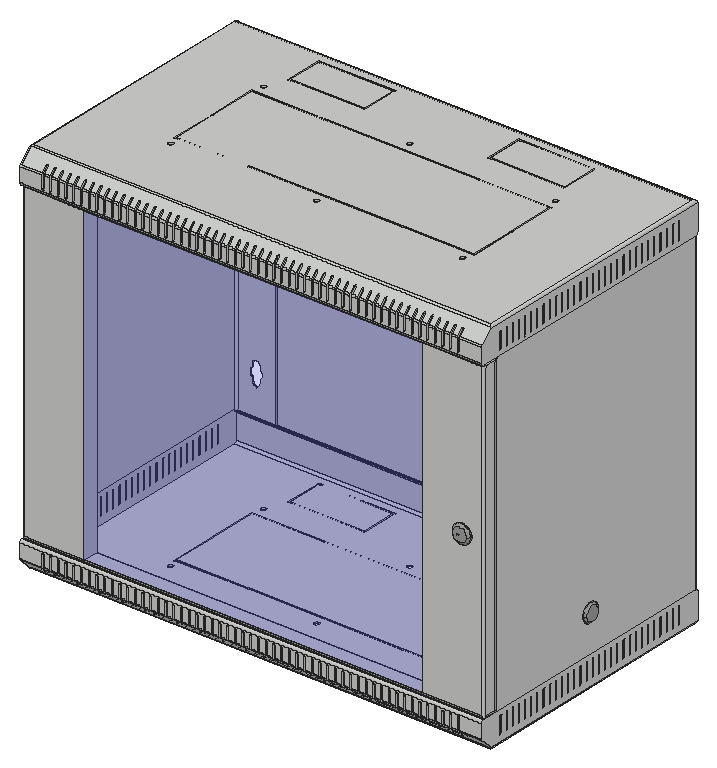
Revit family "600х350", category Обобщенные модели, Revit 2019
Family settings
  Может служить основой для арматурных стержней = Нет
  Размер круглого соединителя = Использовать диаметр
  Тип детали = Нормальный
  На основе рабочей плоскости = Нет
  Всегда вертикально = Да
  При загрузке вырезать с полостями = Нет
  Общий = Нет
  Точка расчета площади = Нет
Parameters (values of type "ШТ-НСрМ 9U (600x350) стеклянная дверь")
  Крышка = Крышка 350 : Крышка 350
  Дверь = Дверь_С : Дверь_С
  Высота_двери = ADSK_Размер_Высота - 80 mm  # 413 mm
  ADSK_Этаж [instance] = ""
  ADSK_Размер_Ширина = 600 mm  # constant formula
  ADSK_Размер_Глубина = 350 mm  # constant formula
  ADSK_Размер_Высота = 493 mm
  ADSK_Примечание [instance] = ""
  ADSK_Предел огнестойкости = ""
  ADSK_Позиция [instance] = ""
  ADSK_Обозначение = "ШТ-НСрМ 9U (600x350) стеклянная дверь"
  ADSK_Наименование = "Шкаф телекоммуникационный настенный разборный со съемными боковыми стенками 19”,9U(600x350), ШТ-НСрМ-9U-600-350-С дверь стекло ССД"
  ADSK_Материал обозначение = "Серый RAL 7035"  # constant formula
  ADSK_Масса_Текст = "17,5"
  ADSK_Марка [instance] = "ШТ-НСрМ 9U (600x350) стеклянная дверь"
  ADSK_Код изделия = "130411-00787"
  ADSK_Зона = ""
  ADSK_Завод-изготовитель = "АО СВЯЗЬСТРОЙДЕТАЛЬ"  # constant formula
  ADSK_Единица измерения = "шт"  # constant formula
  ADSK_URL страницы изделия = "https://www.ssd.ru/shkaf-telekommunikatsionnyy-nastennyy-razbornyy-so-semnymi-bokovymi-stenkami-19-9u-600x350-sht-nsrm--75388"
  ADSK_URL документации изделия = ""
Reference planes
  plane 1 "По центру (Вперед/Назад)": y = 0
  plane 2: z = 0
  plane 3 "По центру (Влево/Вправо)": x = 0
  plane 4: y = 175
  plane 5: y = -175
  plane 6: x = -300
  plane 7: x = 300
  plane 8: z = 246.5
  plane 9: z = -246.5
  plane 10: z = 206.5
  plane 11: z = -206.5
Forms (mm)
  Extrusion 1, solid, material "RAL 7035", detail levels medium+fine
    sketch origin (0, 174.994, 41.996) x (0, 1, 0) y (-1, 0, 0)
      loop
        line (-2.994, 300) -> (-325.506, 300)
        arc (-325.506, 300) -> (-326, 299.506) -> (-325.506, 299.013) r 0.494
        line (-325.506, 299.013) -> (-4.008, 299.013)
        arc (-4.008, 299.013) -> (-1.882, 298.132) -> (-1.001, 296.006) r 3.007
        line (-1.001, 296.006) -> (-1.001, 246.94)
        arc (-1.001, 246.94) -> (-0.501, 246.44) -> (0, 246.94) r 0.501
        line (0, 246.94) -> (0, 297.006)
        arc (0, 297.006) -> (-0.877, 299.123) -> (-2.994, 300) r 2.994
      loop
        arc (-3.007, -300) -> (-0.881, -299.119) -> (0, -296.993) r 3.007
        line (0, -296.993) -> (0, -246.948)
        arc (0, -246.948) -> (-0.501, -246.447) -> (-1.002, -246.948) r 0.501
        line (-1.002, -246.948) -> (-1.002, -295.993)
        arc (-1.002, -295.993) -> (-1.883, -298.119) -> (-4.009, -299) r 3.007
        line (-4.009, -299) -> (-325.5, -299)
        arc (-325.5, -299) -> (-326, -299.5) -> (-325.5, -300) r 0.5
        line (-325.5, -300) -> (-3.007, -300)
      loop
        line (-0.994, 245.778) -> (-0.994, -245.93)
        arc (-0.994, -245.93) -> (-0.494, -246.43) -> (0.006, -245.93) r 0.5
        line (0.006, -245.93) -> (0.006, 245.778)
        arc (0.006, 245.778) -> (-0.494, 246.278) -> (-0.994, 245.778) r 0.5
    from -248.496 to 164.504
  Extrusion 2, void, detail levels fine
    sketch origin (3.917, 0, 85.311) x (1, 0, 0) y (0, 0, 1)
      loop
        line (273.229, 77.108) -> (273.229, 81.669)
        arc (273.229, 81.669) -> (268.229, 86.669) -> (263.229, 81.669) r 5
        line (263.229, 81.669) -> (263.229, 77.09)
        arc (263.229, 77.09) -> (260.241, 70.854) -> (263.229, 64.618) r 8
        line (263.229, 64.618) -> (263.229, 60.039)
        arc (263.229, 60.039) -> (268.229, 55.039) -> (273.229, 60.039) r 5
        line (273.229, 60.039) -> (273.229, 64.6)
        arc (273.229, 64.6) -> (276.241, 70.854) -> (273.229, 77.108) r 8
    from -174 to -175
  Extrusion 3, void, detail levels fine
    sketch origin (-3.917, 0, 85.311) x (-1, 0, 0) y (0, 0, -1)
      loop
        arc (273.229, -77.108) -> (276.241, -70.854) -> (273.229, -64.6) r 8
        line (273.229, -64.6) -> (273.229, -60.039)
        arc (273.229, -60.039) -> (268.229, -55.039) -> (263.229, -60.039) r 5
        line (263.229, -60.039) -> (263.229, -64.618)
        arc (263.229, -64.618) -> (260.241, -70.854) -> (263.229, -77.09) r 8
        line (263.229, -77.09) -> (263.229, -81.669)
        arc (263.229, -81.669) -> (268.229, -86.669) -> (273.229, -81.669) r 5
        line (273.229, -81.669) -> (273.229, -77.108)
    from -174 to -175
  Extrusion 4, void, detail levels fine
    sketch origin (3.917, 0, -85.311) x (1, 0, 0) y (0, 0, 1)
      loop
        arc (273.229, -77.108) -> (276.241, -70.854) -> (273.229, -64.6) r 8
        line (273.229, -64.6) -> (273.229, -60.039)
        arc (273.229, -60.039) -> (268.229, -55.039) -> (263.229, -60.039) r 5
        line (263.229, -60.039) -> (263.229, -64.618)
        arc (263.229, -64.618) -> (260.241, -70.854) -> (263.229, -77.09) r 8
        line (263.229, -77.09) -> (263.229, -81.669)
        arc (263.229, -81.669) -> (268.229, -86.669) -> (273.229, -81.669) r 5
        line (273.229, -81.669) -> (273.229, -77.108)
    from -174 to -175
  Extrusion 5, void, detail levels fine
    sketch origin (-3.917, 0, -85.311) x (-1, 0, 0) y (0, 0, -1)
      loop
        line (273.229, 77.108) -> (273.229, 81.669)
        arc (273.229, 81.669) -> (268.229, 86.669) -> (263.229, 81.669) r 5
        line (263.229, 81.669) -> (263.229, 77.09)
        arc (263.229, 77.09) -> (260.241, 70.854) -> (263.229, 64.618) r 8
        line (263.229, 64.618) -> (263.229, 60.039)
        arc (263.229, 60.039) -> (268.229, 55.039) -> (273.229, 60.039) r 5
        line (273.229, 60.039) -> (273.229, 64.6)
        arc (273.229, 64.6) -> (276.241, 70.854) -> (273.229, 77.108) r 8
    from -174 to -175
  Extrusion 6, void, not visible, detail levels fine
    sketch origin (3.917, 0, 13.811) x (1, 0, 0) y (0, 0, 1)
      loop
        line (273.229, 77.108) -> (273.229, 81.669)
        arc (273.229, 81.669) -> (268.229, 86.669) -> (263.229, 81.669) r 5
        line (263.229, 81.669) -> (263.229, 77.09)
        arc (263.229, 77.09) -> (260.241, 70.854) -> (263.229, 64.618) r 8
        line (263.229, 64.618) -> (263.229, 60.039)
        arc (263.229, 60.039) -> (268.229, 55.039) -> (273.229, 60.039) r 5
        line (273.229, 60.039) -> (273.229, 64.6)
        arc (273.229, 64.6) -> (276.241, 70.854) -> (273.229, 77.108) r 8
    from -174 to -175
  Extrusion 7, void, not visible, detail levels fine
    sketch origin (-3.917, 0, 13.811) x (-1, 0, 0) y (0, 0, -1)
      loop
        arc (273.229, -77.108) -> (276.241, -70.854) -> (273.229, -64.6) r 8
        line (273.229, -64.6) -> (273.229, -60.039)
        arc (273.229, -60.039) -> (268.229, -55.039) -> (263.229, -60.039) r 5
        line (263.229, -60.039) -> (263.229, -64.618)
        arc (263.229, -64.618) -> (260.241, -70.854) -> (263.229, -77.09) r 8
        line (263.229, -77.09) -> (263.229, -81.669)
        arc (263.229, -81.669) -> (268.229, -86.669) -> (273.229, -81.669) r 5
        line (273.229, -81.669) -> (273.229, -77.108)
    from -174 to -175
  Extrusion 8, void, not visible, detail levels fine
    sketch origin (3.917, 0, -13.811) x (1, 0, 0) y (0, 0, 1)
      loop
        arc (273.229, -77.108) -> (276.241, -70.854) -> (273.229, -64.6) r 8
        line (273.229, -64.6) -> (273.229, -60.039)
        arc (273.229, -60.039) -> (268.229, -55.039) -> (263.229, -60.039) r 5
        line (263.229, -60.039) -> (263.229, -64.618)
        arc (263.229, -64.618) -> (260.241, -70.854) -> (263.229, -77.09) r 8
        line (263.229, -77.09) -> (263.229, -81.669)
        arc (263.229, -81.669) -> (268.229, -86.669) -> (273.229, -81.669) r 5
        line (273.229, -81.669) -> (273.229, -77.108)
    from -174 to -175
  Extrusion 9, void, not visible, detail levels fine
    sketch origin (-3.917, 0, -13.811) x (-1, 0, 0) y (0, 0, -1)
      loop
        line (273.229, 77.108) -> (273.229, 81.669)
        arc (273.229, 81.669) -> (268.229, 86.669) -> (263.229, 81.669) r 5
        line (263.229, 81.669) -> (263.229, 77.09)
        arc (263.229, 77.09) -> (260.241, 70.854) -> (263.229, 64.618) r 8
        line (263.229, 64.618) -> (263.229, 60.039)
        arc (263.229, 60.039) -> (268.229, 55.039) -> (273.229, 60.039) r 5
        line (273.229, 60.039) -> (273.229, 64.6)
        arc (273.229, 64.6) -> (276.241, 70.854) -> (273.229, 77.108) r 8
    from -174 to -175
  Extrusion 10, solid, material "По умолчанию", detail levels medium+fine
    sketch origin (0, 0, -15.973) x (0, 1, 0) y (0, 0, 1)
      loop
        circle (0, -140.561) r 12
    from -300 to -301
  Blend 11, solid, material "По умолчанию", detail levels medium+fine
    base sketch origin (0, 30.14, -15.973) x (0, 1, 0) y (0, 0, 1)
      loop
        circle (-30.14, -140.561) r 12
    top sketch origin (0, 30.14, -15.973) x (0, 1, 0) y (0, 0, 1)
      loop
        circle (-30.14, -140.561) r 9
    from -301 to -304
  Extrusion 12, solid, material "По умолчанию", not visible, detail levels medium+fine
    sketch origin (0, 0, -94.473) x (0, 1, 0) y (0, 0, 1)
      loop
        circle (0, -140.561) r 12
    from -300 to -301
  Blend 13, solid, material "По умолчанию", not visible, detail levels medium+fine
    base sketch origin (0, 30.14, -94.473) x (0, 1, 0) y (0, 0, 1)
      loop
        circle (-30.14, -140.561) r 12
    top sketch origin (0, 30.14, -94.473) x (0, 1, 0) y (0, 0, 1)
      loop
        circle (-30.14, -140.561) r 9
    from -301 to -304
  Extrusion 14, solid, material "По умолчанию", detail levels medium+fine
    sketch origin (0, 0, -15.973) x (0, 1, 0) y (0, 0, -1)
      loop
        circle (0, 140.561) r 12
    from -300 to -301
  Blend 15, solid, material "По умолчанию", detail levels medium+fine
    base sketch origin (0, 30.14, -15.973) x (0, 1, 0) y (0, 0, -1)
      loop
        circle (-30.14, 140.561) r 12
    top sketch origin (0, 30.14, -15.973) x (0, 1, 0) y (0, 0, -1)
      loop
        circle (-30.14, 140.561) r 9
    from -301 to -304
  Extrusion 16, solid, material "По умолчанию", not visible, detail levels medium+fine
    sketch origin (0, 0, -94.473) x (0, 1, 0) y (0, 0, -1)
      loop
        circle (0, 140.561) r 12
    from -300 to -301
  Blend 17, solid, material "По умолчанию", not visible, detail levels medium+fine
    base sketch origin (0, 30.14, -94.473) x (0, 1, 0) y (0, 0, -1)
      loop
        circle (-30.14, 140.561) r 12
    top sketch origin (0, 30.14, -94.473) x (0, 1, 0) y (0, 0, -1)
      loop
        circle (-30.14, 140.561) r 9
    from -301 to -304
  Extrusion 18, void
    sketch origin (0, 0.347, 80.075) x (0, 1, 0) y (0, 0, 1)
      loop
        line (-4.848, -235.859) -> (-4.848, -237.359) -> (3.152, -237.359) -> (3.152, -235.859) -> (-4.848, -235.859)
    from -302 to -304
  Extrusion 19, void
    sketch origin (0, 0, 78.5) x (0, 1, 0) y (0, 0, 1)
      loop
        line (-4.501, -234.284) -> (-4.501, -235.784) -> (3.499, -235.784) -> (3.499, -234.284) -> (-4.501, -234.284)
    from 302 to 304
  Extrusion 20, void, not visible
    sketch origin (0, 0.347, 1.575) x (0, 1, 0) y (0, 0, 1)
      loop
        line (-4.848, -235.859) -> (-4.848, -237.359) -> (3.152, -237.359) -> (3.152, -235.859) -> (-4.848, -235.859)
    from -302 to -304
  Extrusion 21, void, not visible
    sketch origin (0, 0, 0) x (0, 1, 0) y (0, 0, 1)
      loop
        line (-4.501, -234.284) -> (-4.501, -235.784) -> (3.499, -235.784) -> (3.499, -234.284) -> (-4.501, -234.284)
    from 302 to 304
  Extrusion 22, solid, material "RAL 7035", detail levels coarse
    sketch origin (0, 0, 0) x (1, 0, 0) y (0, 0, 1)
      loop
        line (-300, -246.5) -> (300, -246.5) -> (300, 246.5) -> (-300, 246.5) -> (-300, -246.5)
    from -175 to 175
Cuts and joins
  Extrusion 2, Extrusion 3, Extrusion 4, Extrusion 5, Extrusion 19 cuts Extrusion 1
  Extrusion 18 cuts Blend 11
  Extrusion 19 cuts Extrusion 14
  Extrusion 19 cuts Blend 15
Lines and regions (mm)
  reference lines
    curve 1: line (280.158, 0, 156.165) -> (264.158, 0, 156.165)
    curve 3: line (280.158, 0, -156.165) -> (264.158, 0, -156.165)
    curve 5: line (0, -12, -156.534) -> (0, -42, -156.534)
  reference lines, not visible
    curve 2: line (280.158, 0, 84.665) -> (264.158, 0, 84.665)
    curve 4: line (280.158, 0, -84.665) -> (264.158, 0, -84.665)
    curve 6: line (0, -12, -235.034) -> (0, -42, -235.034)
Dimensions and locks
  "ADSK_Размер_Высота": plane 8 to plane 9
  equal spacing: plane 8, level, plane 9
  equal spacing: plane 7, plane 3 "По центру (Влево/Вправо)", plane 6
  "ADSK_Размер_Ширина": plane 7 to plane 6
  equal spacing: plane 4, plane 1 "По центру (Вперед/Назад)", plane 5
  "ADSK_Размер_Глубина": plane 4 to plane 5
  level to Extrusion 1 = 206.5 mm
  locked: plane 10 to plane 8 at 40
  locked: plane 9 to plane 11 at 40
  locked: curve 1 to plane 10 at 50.335
  locked: plane 11 to curve 3 at 50.335
  locked: plane 9 to curve 5 at 89.966
  locked: plane 10 to nested 1 at 40
  locked: plane 11 to nested 2 at 40
  aligned and locked: level to plane 2
  aligned and locked: Extrusion 1 to plane 6
  aligned and locked: plane 7 to Extrusion 1
  aligned and locked: Extrusion 2 to plane 4
  aligned and locked: plane 10 to Extrusion 1
  aligned and locked: Extrusion 1 to plane 11
  aligned and locked: Extrusion 22 to plane 6
  aligned and locked: plane 7 to Extrusion 22
  aligned and locked: Extrusion 22 to plane 9
  aligned and locked: plane 8 to Extrusion 22
  aligned and locked: Extrusion 22 to plane 4
  aligned and locked: plane 5 to Extrusion 22
Automatic sketch dimensions
  Extrusion 2 sketch curve to Extrusion 2 sketch curve = 0 mm  (x5)
  Extrusion 2 sketch curve to Extrusion 2 sketch curve = 5 mm  (x2)
  Extrusion 2 sketch curve to Extrusion 2 sketch curve = 4.988 mm
  Extrusion 2 sketch curve to Extrusion 2 sketch curve = 4.56 mm  (x2)
  Extrusion 2 sketch curve to Extrusion 2 sketch curve = 4.579 mm
  Extrusion 2 sketch curve to Extrusion 2 sketch curve = 6.254 mm
  Extrusion 3 sketch curve to Extrusion 3 sketch curve = 0 mm  (x5)
  Extrusion 3 sketch curve to Extrusion 3 sketch curve = 5 mm  (x2)
  Extrusion 3 sketch curve to Extrusion 3 sketch curve = 4.988 mm
  Extrusion 3 sketch curve to Extrusion 3 sketch curve = 4.56 mm  (x2)
  Extrusion 3 sketch curve to Extrusion 3 sketch curve = 4.579 mm
  Extrusion 3 sketch curve to Extrusion 3 sketch curve = 6.254 mm
  Extrusion 4 sketch curve to Extrusion 4 sketch curve = 0 mm  (x5)
  Extrusion 4 sketch curve to Extrusion 4 sketch curve = 5 mm  (x2)
  Extrusion 4 sketch curve to Extrusion 4 sketch curve = 4.988 mm
  Extrusion 4 sketch curve to Extrusion 4 sketch curve = 4.56 mm  (x2)
  Extrusion 4 sketch curve to Extrusion 4 sketch curve = 4.579 mm
  Extrusion 4 sketch curve to Extrusion 4 sketch curve = 6.254 mm
  Extrusion 5 sketch curve to Extrusion 5 sketch curve = 0 mm  (x5)
  Extrusion 5 sketch curve to Extrusion 5 sketch curve = 5 mm  (x2)
  Extrusion 5 sketch curve to Extrusion 5 sketch curve = 4.988 mm
  Extrusion 5 sketch curve to Extrusion 5 sketch curve = 4.56 mm  (x2)
  Extrusion 5 sketch curve to Extrusion 5 sketch curve = 4.579 mm
  Extrusion 5 sketch curve to Extrusion 5 sketch curve = 6.254 mm
  Extrusion 6 sketch curve to Extrusion 6 sketch curve = 0 mm  (x5)
  Extrusion 6 sketch curve to Extrusion 6 sketch curve = 5 mm  (x2)
  Extrusion 6 sketch curve to Extrusion 6 sketch curve = 4.988 mm
  Extrusion 6 sketch curve to Extrusion 6 sketch curve = 4.56 mm  (x2)
  Extrusion 6 sketch curve to Extrusion 6 sketch curve = 4.579 mm
  Extrusion 6 sketch curve to Extrusion 6 sketch curve = 6.254 mm
  Extrusion 7 sketch curve to Extrusion 7 sketch curve = 0 mm  (x5)
  Extrusion 7 sketch curve to Extrusion 7 sketch curve = 5 mm  (x2)
  Extrusion 7 sketch curve to Extrusion 7 sketch curve = 4.988 mm
  Extrusion 7 sketch curve to Extrusion 7 sketch curve = 4.56 mm  (x2)
  Extrusion 7 sketch curve to Extrusion 7 sketch curve = 4.579 mm
  Extrusion 7 sketch curve to Extrusion 7 sketch curve = 6.254 mm
  Extrusion 8 sketch curve to Extrusion 8 sketch curve = 0 mm  (x5)
  Extrusion 8 sketch curve to Extrusion 8 sketch curve = 5 mm  (x2)
  Extrusion 8 sketch curve to Extrusion 8 sketch curve = 4.988 mm
  Extrusion 8 sketch curve to Extrusion 8 sketch curve = 4.56 mm  (x2)
  Extrusion 8 sketch curve to Extrusion 8 sketch curve = 4.579 mm
  Extrusion 8 sketch curve to Extrusion 8 sketch curve = 6.254 mm
  Extrusion 9 sketch curve to Extrusion 9 sketch curve = 0 mm  (x5)
  Extrusion 9 sketch curve to Extrusion 9 sketch curve = 5 mm  (x2)
  Extrusion 9 sketch curve to Extrusion 9 sketch curve = 4.988 mm
  Extrusion 9 sketch curve to Extrusion 9 sketch curve = 4.56 mm  (x2)
  Extrusion 9 sketch curve to Extrusion 9 sketch curve = 4.579 mm
  Extrusion 9 sketch curve to Extrusion 9 sketch curve = 6.254 mm
  Extrusion 1 sketch curve to plane 6 = 0 mm
  Extrusion 1 sketch curve to plane 7 = 0 mm
  plane 4 to Extrusion 1 sketch curve = 0 mm
  plane 4 to Extrusion 1 sketch curve = 0.006 mm  (x2)
  plane 4 to Extrusion 1 sketch curve = 0.5 mm
  Extrusion 1 sketch curve to Extrusion 1 sketch curve = 0.501 mm  (x2)
  plane 4 to Extrusion 1 sketch curve = 2.999 mm
  plane 4 to Extrusion 1 sketch curve = 3.012 mm
  Extrusion 1 sketch curve to Extrusion 1 sketch curve = 1.014 mm
  Extrusion 1 sketch curve to plane 7 = 1 mm
  Extrusion 1 sketch curve to Extrusion 1 sketch curve = 1.002 mm
  Extrusion 1 sketch curve to plane 5 = 24.494 mm
  plane 6 to Extrusion 1 sketch curve = 0.494 mm
  Extrusion 1 sketch curve to plane 5 = 24.488 mm
  Extrusion 1 sketch curve to Extrusion 1 sketch curve = 49.046 mm
  Extrusion 1 sketch curve to Extrusion 1 sketch curve = 1.018 mm
  Extrusion 1 sketch curve to Extrusion 1 sketch curve = 50.228 mm
  Extrusion 1 sketch curve to Extrusion 1 sketch curve = 1.162 mm
  Extrusion 18 sketch curve to Extrusion 18 sketch curve = 1.5 mm
  Extrusion 19 sketch curve to Extrusion 19 sketch curve = 8 mm
  Extrusion 19 sketch curve to Extrusion 19 sketch curve = 1.5 mm
  Extrusion 18 sketch curve to Extrusion 18 sketch curve = 8 mm
  Extrusion 20 sketch curve to Extrusion 20 sketch curve = 8 mm
  Extrusion 22 sketch curve to plane 6 = 0 mm
  Extrusion 22 sketch curve to plane 7 = 0 mm
  Extrusion 22 sketch curve to plane 8 = 493 mm
  Extrusion 22 sketch curve to Extrusion 22 sketch curve = 493 mm
  radius of Extrusion 10 sketch curve = 12 mm
  radius of Blend 11 sketch curve = 12 mm
  radius of Blend 11 sketch curve = 9 mm
  radius of Extrusion 14 sketch curve = 12 mm
  radius of Blend 15 sketch curve = 12 mm
  radius of Blend 15 sketch curve = 9 mm
  radius of Extrusion 12 sketch curve = 12 mm
  radius of Blend 13 sketch curve = 12 mm
  radius of Blend 13 sketch curve = 9 mm
  radius of Extrusion 16 sketch curve = 12 mm
  radius of Blend 17 sketch curve = 12 mm
  radius of Blend 17 sketch curve = 9 mm
Nested families
  nested 1: "Крышка 350" at (0, 175, -3.5) x (-1, 0, 0) z (0, -1, 0), type <- "Крышка", type "Крышка 350", detail levels medium+fine
  nested 2: "Крышка 350" at (0, 175, 3.5) x (-1, 0, 0) z (0, -1, 0), type <- "Крышка", type "Крышка 350", detail levels medium+fine
  nested 3: "Дверь_С" at (0, -151.141, 0), ADSK_Размер_Высота <- "Высота_двери", type <- "Дверь", type "Дверь_С", detail levels medium+fine
    with ADSK_Размер_Высота 413 mm
Definition of nested family "Крышка 350"
  Parameters (values of type "Крышка 350")
    Default Elevation = 0 mm
    ADSK_Размер_Ширина = 600 mm
    ADSK_Размер_Глубина = 350 mm
    ADSK_Материал = none
  Reference planes
    plane 1 "По центру (Вперед/Назад)": y = 0
    plane 2: z = 0
    plane 3 "По центру (Влево/Вправо)": x = 0
    plane 4: x = 300
    plane 5: x = -300
    plane 6: y = 250
    plane 7: y = -250
    plane 8: z = 350
  Forms (mm)
    Extrusion 1, solid
      sketch origin (0, 0, 0) x (1, 0, 0) y (0, 1, 0)
        loop
          line (-1219.2, 1219.2) -> (-1219.2, -1219.2) -> (1219.2, -1219.2) -> (1219.2, 1219.2) -> (-1219.2, 1219.2)
      from 0 to -304.8
    Extrusion 2, solid, material <- "ADSK_Материал", detail levels medium+fine
      sketch origin (0, 310.254, -563.001) x (0, 1, 0) y (0, 0, 1)
        loop
          arc (-60.254, 894.781) -> (-60.483, 895.929) -> (-61.133, 896.903) r 3
          line (-61.133, 896.903) -> (-76.353, 912.122)
          arc (-76.353, 912.122) -> (-77.326, 912.773) -> (-78.474, 913.001) r 3
          line (-78.474, 913.001) -> (-97.254, 913.001)
          arc (-97.254, 913.001) -> (-99.376, 912.122) -> (-100.254, 910.001) r 3
          line (-100.254, 910.001) -> (-100.254, 566.001)
          arc (-100.254, 566.001) -> (-99.376, 563.88) -> (-97.254, 563.001) r 3
          line (-97.254, 563.001) -> (-63.254, 563.001)
          arc (-63.254, 563.001) -> (-61.133, 563.88) -> (-60.254, 566.001) r 3
          line (-60.254, 566.001) -> (-60.254, 894.781)
      from -300 to 300
    Extrusion 3, void, detail levels fine
      sketch origin (-302.566, 67.262, 0) x (1, 0, 0) y (0, 1, 0)
        loop
          line (31.066, 172.333) -> (31.066, 148.933)
          arc (31.066, 148.933) -> (32.566, 147.433) -> (34.066, 148.933) r 1.5
          line (34.066, 148.933) -> (34.066, 172.333)
          arc (34.066, 172.333) -> (32.566, 173.833) -> (31.066, 172.333) r 1.5
      from 339.994 to 350 <- "ADSK_Размер_Глубина"
    Extrusion 4, void, detail levels medium+fine
      sketch origin (0, 0, 0) x (1, 0, 0) y (0, 1, 0)
        loop
          arc (-300, 246.971) -> (-299.113, 249.113) -> (-296.971, 250) r 3.029
          line (-296.971, 250) -> (-300, 250) -> (-300, 246.971)
      from 0 to 350 <- "ADSK_Размер_Глубина"
    Extrusion 5, void, detail levels medium+fine
      sketch origin (0, 0, 0) x (-1, 0, 0) y (0, -1, 0)
        loop
          line (-300, -246.971) -> (-300, -250) -> (-296.971, -250)
          arc (-296.971, -250) -> (-299.113, -249.113) -> (-300, -246.971) r 3.029
      from 0 to 350 <- "ADSK_Размер_Глубина"
    Extrusion 6, void, detail levels fine
      sketch origin (0, 0, -294.506) x (0, 1, 0) y (0, 0, 1)
        loop
          line (238.196, 326.499) -> (216.196, 326.499)
          arc (216.196, 326.499) -> (214.449, 324.752) -> (216.196, 323.006) r 1.747
          line (216.196, 323.006) -> (238.196, 323.006)
          arc (238.196, 323.006) -> (239.942, 324.752) -> (238.196, 326.499) r 1.747
      from 299 to 300
    Extrusion 7, void, detail levels fine
      sketch origin (0, 0, 0) x (1, 0, 0) y (0, 0, 1)
        loop
          line (-101, 105) -> (-101, 107) -> (-193, 107) -> (-193, 167) -> (-195, 167) -> (-195, 105) -> (-101, 105)
        loop
          line (-100, 105) -> (100, 105) -> (100, 107) -> (-100, 107) -> (-100, 105)
        loop
          line (101, 105) -> (195, 105) -> (195, 167) -> (193, 167) -> (193, 107) -> (101, 107) -> (101, 105)
        loop
          line (-101, 231) -> (-195, 231) -> (-195, 169) -> (-193, 169) -> (-193, 229) -> (-101, 229) -> (-101, 231)
        loop
          line (-100, 231) -> (-100, 229) -> (100, 229) -> (100, 231) -> (-100, 231)
        loop
          line (101, 231) -> (101, 229) -> (193, 229) -> (193, 169) -> (195, 169) -> (195, 231) -> (101, 231)
        loop
          circle (189.7, 92.5) r 3.3
        loop
          circle (0, 92.5) r 3.3
        loop
          circle (-189.7, 92.5) r 3.3
        loop
          circle (189.7, 243.5) r 3.3
        loop
          circle (0, 243.5) r 3.3
        loop
          circle (-189.7, 243.5) r 3.3
        loop
          line (83, 65) -> (83, 63) -> (177, 63) -> (177, 65) -> (83, 65)
        loop
          line (178, 65) -> (178, 15) -> (180, 15) -> (180, 65) -> (178, 65)
        loop
          line (83, 15) -> (177, 15) -> (177, 17) -> (83, 17) -> (83, 15)
        loop
          line (82, 65) -> (80, 65) -> (80, 15) -> (82, 15) -> (82, 65)
        loop
          line (-83, 65) -> (-177, 65) -> (-177, 63) -> (-83, 63) -> (-83, 65)
        loop
          line (-178, 65) -> (-180, 65) -> (-180, 15) -> (-178, 15) -> (-178, 65)
        loop
          line (-83, 15) -> (-83, 17) -> (-177, 17) -> (-177, 15) -> (-83, 15)
        loop
          line (-82, 65) -> (-82, 15) -> (-80, 15) -> (-80, 65) -> (-82, 65)
      from -250 to -210
    Extrusion 8, void, detail levels fine
      sketch origin (0, 0, 0) x (0, 1, 0) y (0, 0, 1)
        loop
          arc (213.847, 349.125) -> (211.726, 348.247) -> (210.847, 346.125) r 3
          line (210.847, 346.125) -> (210, 346.125) -> (210, 3.911) -> (210.847, 3.911)
          arc (210.847, 3.911) -> (211.726, 1.79) -> (213.847, 0.911) r 3
          line (213.847, 0.911) -> (246, 0.911)
          arc (246, 0.911) -> (248.121, 1.79) -> (249, 3.911) r 3
          line (249, 3.911) -> (249, 331.785)
          arc (249, 331.785) -> (248.772, 332.932) -> (248.122, 333.904) r 2.997
          line (248.122, 333.904) -> (233.78, 348.247)
          arc (233.78, 348.247) -> (232.807, 348.897) -> (231.659, 349.125) r 3
          line (231.659, 349.125) -> (213.847, 349.125)
      from -299 to 299
    Extrusion 9, void, detail levels fine
      sketch origin (0, 0, -284.506) x (0, 1, 0) y (0, 0, 1)
        loop
          line (238.196, 326.499) -> (216.196, 326.499)
          arc (216.196, 326.499) -> (214.449, 324.752) -> (216.196, 323.006) r 1.747
          line (216.196, 323.006) -> (238.196, 323.006)
          arc (238.196, 323.006) -> (239.942, 324.752) -> (238.196, 326.499) r 1.747
      from 299 to 300
    Extrusion 10, void, detail levels fine
      sketch origin (0, 0, -274.506) x (0, 1, 0) y (0, 0, 1)
        loop
          line (238.196, 326.499) -> (216.196, 326.499)
          arc (216.196, 326.499) -> (214.449, 324.752) -> (216.196, 323.006) r 1.747
          line (216.196, 323.006) -> (238.196, 323.006)
          arc (238.196, 323.006) -> (239.942, 324.752) -> (238.196, 326.499) r 1.747
      from 299 to 300
    Extrusion 11, void, detail levels fine
      sketch origin (0, 0, -264.506) x (0, 1, 0) y (0, 0, 1)
        loop
          line (238.196, 326.499) -> (216.196, 326.499)
          arc (216.196, 326.499) -> (214.449, 324.752) -> (216.196, 323.006) r 1.747
          line (216.196, 323.006) -> (238.196, 323.006)
          arc (238.196, 323.006) -> (239.942, 324.752) -> (238.196, 326.499) r 1.747
      from 299 to 300
    Extrusion 12, void, detail levels fine
      sketch origin (0, 0, -254.506) x (0, 1, 0) y (0, 0, 1)
        loop
          line (238.196, 326.499) -> (216.196, 326.499)
          arc (216.196, 326.499) -> (214.449, 324.752) -> (216.196, 323.006) r 1.747
          line (216.196, 323.006) -> (238.196, 323.006)
          arc (238.196, 323.006) -> (239.942, 324.752) -> (238.196, 326.499) r 1.747
      from 299 to 300
    Extrusion 13, void, detail levels fine
      sketch origin (0, 0, -244.506) x (0, 1, 0) y (0, 0, 1)
        loop
          line (238.196, 326.499) -> (216.196, 326.499)
          arc (216.196, 326.499) -> (214.449, 324.752) -> (216.196, 323.006) r 1.747
          line (216.196, 323.006) -> (238.196, 323.006)
          arc (238.196, 323.006) -> (239.942, 324.752) -> (238.196, 326.499) r 1.747
      from 299 to 300
    Extrusion 14, void, detail levels fine
      sketch origin (0, 0, -234.506) x (0, 1, 0) y (0, 0, 1)
        loop
          line (238.196, 326.499) -> (216.196, 326.499)
          arc (216.196, 326.499) -> (214.449, 324.752) -> (216.196, 323.006) r 1.747
          line (216.196, 323.006) -> (238.196, 323.006)
          arc (238.196, 323.006) -> (239.942, 324.752) -> (238.196, 326.499) r 1.747
      from 299 to 300
    Extrusion 15, void, detail levels fine
      sketch origin (0, 0, -224.506) x (0, 1, 0) y (0, 0, 1)
        loop
          line (238.196, 326.499) -> (216.196, 326.499)
          arc (216.196, 326.499) -> (214.449, 324.752) -> (216.196, 323.006) r 1.747
          line (216.196, 323.006) -> (238.196, 323.006)
          arc (238.196, 323.006) -> (239.942, 324.752) -> (238.196, 326.499) r 1.747
      from 299 to 300
    Extrusion 16, void, detail levels fine
      sketch origin (0, 0, -214.506) x (0, 1, 0) y (0, 0, 1)
        loop
          line (238.196, 326.499) -> (216.196, 326.499)
          arc (216.196, 326.499) -> (214.449, 324.752) -> (216.196, 323.006) r 1.747
          line (216.196, 323.006) -> (238.196, 323.006)
          arc (238.196, 323.006) -> (239.942, 324.752) -> (238.196, 326.499) r 1.747
      from 299 to 300
    Extrusion 17, void, detail levels fine
      sketch origin (0, 0, -204.506) x (0, 1, 0) y (0, 0, 1)
        loop
          line (238.196, 326.499) -> (216.196, 326.499)
          arc (216.196, 326.499) -> (214.449, 324.752) -> (216.196, 323.006) r 1.747
          line (216.196, 323.006) -> (238.196, 323.006)
          arc (238.196, 323.006) -> (239.942, 324.752) -> (238.196, 326.499) r 1.747
      from 299 to 300
    Extrusion 18, void, detail levels fine
      sketch origin (0, 0, -194.506) x (0, 1, 0) y (0, 0, 1)
        loop
          line (238.196, 326.499) -> (216.196, 326.499)
          arc (216.196, 326.499) -> (214.449, 324.752) -> (216.196, 323.006) r 1.747
          line (216.196, 323.006) -> (238.196, 323.006)
          arc (238.196, 323.006) -> (239.942, 324.752) -> (238.196, 326.499) r 1.747
      from 299 to 300
    Extrusion 19, void, detail levels fine
      sketch origin (0, 0, -184.506) x (0, 1, 0) y (0, 0, 1)
        loop
          line (238.196, 326.499) -> (216.196, 326.499)
          arc (216.196, 326.499) -> (214.449, 324.752) -> (216.196, 323.006) r 1.747
          line (216.196, 323.006) -> (238.196, 323.006)
          arc (238.196, 323.006) -> (239.942, 324.752) -> (238.196, 326.499) r 1.747
      from 299 to 300
    Extrusion 20, void, detail levels fine
      sketch origin (0, 0, -174.506) x (0, 1, 0) y (0, 0, 1)
        loop
          line (238.196, 326.499) -> (216.196, 326.499)
          arc (216.196, 326.499) -> (214.449, 324.752) -> (216.196, 323.006) r 1.747
          line (216.196, 323.006) -> (238.196, 323.006)
          arc (238.196, 323.006) -> (239.942, 324.752) -> (238.196, 326.499) r 1.747
      from 299 to 300
    Extrusion 21, void, detail levels fine
      sketch origin (0, 0, -164.506) x (0, 1, 0) y (0, 0, 1)
        loop
          line (238.196, 326.499) -> (216.196, 326.499)
          arc (216.196, 326.499) -> (214.449, 324.752) -> (216.196, 323.006) r 1.747
          line (216.196, 323.006) -> (238.196, 323.006)
          arc (238.196, 323.006) -> (239.942, 324.752) -> (238.196, 326.499) r 1.747
      from 299 to 300
    Extrusion 22, void, detail levels fine
      sketch origin (0, 0, -154.506) x (0, 1, 0) y (0, 0, 1)
        loop
          line (238.196, 326.499) -> (216.196, 326.499)
          arc (216.196, 326.499) -> (214.449, 324.752) -> (216.196, 323.006) r 1.747
          line (216.196, 323.006) -> (238.196, 323.006)
          arc (238.196, 323.006) -> (239.942, 324.752) -> (238.196, 326.499) r 1.747
      from 299 to 300
    Extrusion 23, void, detail levels fine
      sketch origin (0, 0, -144.506) x (0, 1, 0) y (0, 0, 1)
        loop
          line (238.196, 326.499) -> (216.196, 326.499)
          arc (216.196, 326.499) -> (214.449, 324.752) -> (216.196, 323.006) r 1.747
          line (216.196, 323.006) -> (238.196, 323.006)
          arc (238.196, 323.006) -> (239.942, 324.752) -> (238.196, 326.499) r 1.747
      from 299 to 300
    Extrusion 24, void, detail levels fine
      sketch origin (0, 0, -134.506) x (0, 1, 0) y (0, 0, 1)
        loop
          line (238.196, 326.499) -> (216.196, 326.499)
          arc (216.196, 326.499) -> (214.449, 324.752) -> (216.196, 323.006) r 1.747
          line (216.196, 323.006) -> (238.196, 323.006)
          arc (238.196, 323.006) -> (239.942, 324.752) -> (238.196, 326.499) r 1.747
      from 299 to 300
    Extrusion 25, void, detail levels fine
      sketch origin (0, 0, -124.506) x (0, 1, 0) y (0, 0, 1)
        loop
          line (238.196, 326.499) -> (216.196, 326.499)
          arc (216.196, 326.499) -> (214.449, 324.752) -> (216.196, 323.006) r 1.747
          line (216.196, 323.006) -> (238.196, 323.006)
          arc (238.196, 323.006) -> (239.942, 324.752) -> (238.196, 326.499) r 1.747
      from 299 to 300
    Extrusion 26, void, detail levels fine
      sketch origin (0, 0, -114.506) x (0, 1, 0) y (0, 0, 1)
        loop
          line (238.196, 326.499) -> (216.196, 326.499)
          arc (216.196, 326.499) -> (214.449, 324.752) -> (216.196, 323.006) r 1.747
          line (216.196, 323.006) -> (238.196, 323.006)
          arc (238.196, 323.006) -> (239.942, 324.752) -> (238.196, 326.499) r 1.747
      from 299 to 300
    Extrusion 27, void, detail levels fine
      sketch origin (0, 0, -104.506) x (0, 1, 0) y (0, 0, 1)
        loop
          line (238.196, 326.499) -> (216.196, 326.499)
          arc (216.196, 326.499) -> (214.449, 324.752) -> (216.196, 323.006) r 1.747
          line (216.196, 323.006) -> (238.196, 323.006)
          arc (238.196, 323.006) -> (239.942, 324.752) -> (238.196, 326.499) r 1.747
      from 299 to 300
    Extrusion 28, void, detail levels fine
      sketch origin (0, 0, -94.506) x (0, 1, 0) y (0, 0, 1)
        loop
          line (238.196, 326.499) -> (216.196, 326.499)
          arc (216.196, 326.499) -> (214.449, 324.752) -> (216.196, 323.006) r 1.747
          line (216.196, 323.006) -> (238.196, 323.006)
          arc (238.196, 323.006) -> (239.942, 324.752) -> (238.196, 326.499) r 1.747
      from 299 to 300
    Extrusion 29, void, detail levels fine
      sketch origin (0, 0, -84.506) x (0, 1, 0) y (0, 0, 1)
        loop
          line (238.196, 326.499) -> (216.196, 326.499)
          arc (216.196, 326.499) -> (214.449, 324.752) -> (216.196, 323.006) r 1.747
          line (216.196, 323.006) -> (238.196, 323.006)
          arc (238.196, 323.006) -> (239.942, 324.752) -> (238.196, 326.499) r 1.747
      from 299 to 300
    Extrusion 30, void, detail levels fine
      sketch origin (0, 0, -74.506) x (0, 1, 0) y (0, 0, 1)
        loop
          line (238.196, 326.499) -> (216.196, 326.499)
          arc (216.196, 326.499) -> (214.449, 324.752) -> (216.196, 323.006) r 1.747
          line (216.196, 323.006) -> (238.196, 323.006)
          arc (238.196, 323.006) -> (239.942, 324.752) -> (238.196, 326.499) r 1.747
      from 299 to 300
    Extrusion 31, void, detail levels fine
      sketch origin (0, 0, -64.506) x (0, 1, 0) y (0, 0, 1)
        loop
          line (238.196, 326.499) -> (216.196, 326.499)
          arc (216.196, 326.499) -> (214.449, 324.752) -> (216.196, 323.006) r 1.747
          line (216.196, 323.006) -> (238.196, 323.006)
          arc (238.196, 323.006) -> (239.942, 324.752) -> (238.196, 326.499) r 1.747
      from 299 to 300
    Extrusion 32, void, detail levels fine
      sketch origin (0, 0, -54.506) x (0, 1, 0) y (0, 0, 1)
        loop
          line (238.196, 326.499) -> (216.196, 326.499)
          arc (216.196, 326.499) -> (214.449, 324.752) -> (216.196, 323.006) r 1.747
          line (216.196, 323.006) -> (238.196, 323.006)
          arc (238.196, 323.006) -> (239.942, 324.752) -> (238.196, 326.499) r 1.747
      from 299 to 300
    Extrusion 33, void, detail levels fine
      sketch origin (0, 0, -44.506) x (0, 1, 0) y (0, 0, 1)
        loop
          line (238.196, 326.499) -> (216.196, 326.499)
          arc (216.196, 326.499) -> (214.449, 324.752) -> (216.196, 323.006) r 1.747
          line (216.196, 323.006) -> (238.196, 323.006)
          arc (238.196, 323.006) -> (239.942, 324.752) -> (238.196, 326.499) r 1.747
      from 299 to 300
    Extrusion 34, void, detail levels fine
      sketch origin (0, 0, -34.506) x (0, 1, 0) y (0, 0, 1)
        loop
          line (238.196, 326.499) -> (216.196, 326.499)
          arc (216.196, 326.499) -> (214.449, 324.752) -> (216.196, 323.006) r 1.747
          line (216.196, 323.006) -> (238.196, 323.006)
          arc (238.196, 323.006) -> (239.942, 324.752) -> (238.196, 326.499) r 1.747
      from 299 to 300
    Extrusion 35, void, detail levels fine
      sketch origin (0, 0, -24.506) x (0, 1, 0) y (0, 0, 1)
        loop
          line (238.196, 326.499) -> (216.196, 326.499)
          arc (216.196, 326.499) -> (214.449, 324.752) -> (216.196, 323.006) r 1.747
          line (216.196, 323.006) -> (238.196, 323.006)
          arc (238.196, 323.006) -> (239.942, 324.752) -> (238.196, 326.499) r 1.747
      from 299 to 300
    Extrusion 36, void, detail levels fine
      sketch origin (0, 0, -14.506) x (0, 1, 0) y (0, 0, 1)
        loop
          line (238.196, 326.499) -> (216.196, 326.499)
          arc (216.196, 326.499) -> (214.449, 324.752) -> (216.196, 323.006) r 1.747
          line (216.196, 323.006) -> (238.196, 323.006)
          arc (238.196, 323.006) -> (239.942, 324.752) -> (238.196, 326.499) r 1.747
      from 299 to 300
    Extrusion 37, void, detail levels fine
      sketch origin (0, 0, -4.506) x (0, 1, 0) y (0, 0, 1)
        loop
          line (238.196, 326.499) -> (216.196, 326.499)
          arc (216.196, 326.499) -> (214.449, 324.752) -> (216.196, 323.006) r 1.747
          line (216.196, 323.006) -> (238.196, 323.006)
          arc (238.196, 323.006) -> (239.942, 324.752) -> (238.196, 326.499) r 1.747
      from 299 to 300
    Extrusion 38, void, detail levels fine
      sketch origin (0, 0, -94.506) x (0, 1, 0) y (0, 0, -1)
        loop
          arc (238.196, -326.499) -> (239.942, -324.752) -> (238.196, -323.006) r 1.747
          line (238.196, -323.006) -> (216.196, -323.006)
          arc (216.196, -323.006) -> (214.449, -324.752) -> (216.196, -326.499) r 1.747
          line (216.196, -326.499) -> (238.196, -326.499)
      from 299 to 300
    Extrusion 39, void, detail levels fine
      sketch origin (0, 0, -84.506) x (0, 1, 0) y (0, 0, -1)
        loop
          arc (238.196, -326.499) -> (239.942, -324.752) -> (238.196, -323.006) r 1.747
          line (238.196, -323.006) -> (216.196, -323.006)
          arc (216.196, -323.006) -> (214.449, -324.752) -> (216.196, -326.499) r 1.747
          line (216.196, -326.499) -> (238.196, -326.499)
      from 299 to 300
    Extrusion 40, void, detail levels fine
      sketch origin (0, 0, -74.506) x (0, 1, 0) y (0, 0, -1)
        loop
          arc (238.196, -326.499) -> (239.942, -324.752) -> (238.196, -323.006) r 1.747
          line (238.196, -323.006) -> (216.196, -323.006)
          arc (216.196, -323.006) -> (214.449, -324.752) -> (216.196, -326.499) r 1.747
          line (216.196, -326.499) -> (238.196, -326.499)
      from 299 to 300
    Extrusion 41, void, detail levels fine
      sketch origin (0, 0, -64.506) x (0, 1, 0) y (0, 0, -1)
        loop
          arc (238.196, -326.499) -> (239.942, -324.752) -> (238.196, -323.006) r 1.747
          line (238.196, -323.006) -> (216.196, -323.006)
          arc (216.196, -323.006) -> (214.449, -324.752) -> (216.196, -326.499) r 1.747
          line (216.196, -326.499) -> (238.196, -326.499)
      from 299 to 300
    Extrusion 42, void, detail levels fine
      sketch origin (0, 0, -54.506) x (0, 1, 0) y (0, 0, -1)
        loop
          arc (238.196, -326.499) -> (239.942, -324.752) -> (238.196, -323.006) r 1.747
          line (238.196, -323.006) -> (216.196, -323.006)
          arc (216.196, -323.006) -> (214.449, -324.752) -> (216.196, -326.499) r 1.747
          line (216.196, -326.499) -> (238.196, -326.499)
      from 299 to 300
    Extrusion 43, void, detail levels fine
      sketch origin (0, 0, -44.506) x (0, 1, 0) y (0, 0, -1)
        loop
          arc (238.196, -326.499) -> (239.942, -324.752) -> (238.196, -323.006) r 1.747
          line (238.196, -323.006) -> (216.196, -323.006)
          arc (216.196, -323.006) -> (214.449, -324.752) -> (216.196, -326.499) r 1.747
          line (216.196, -326.499) -> (238.196, -326.499)
      from 299 to 300
    Extrusion 44, void, detail levels fine
      sketch origin (0, 0, -34.506) x (0, 1, 0) y (0, 0, -1)
        loop
          arc (238.196, -326.499) -> (239.942, -324.752) -> (238.196, -323.006) r 1.747
          line (238.196, -323.006) -> (216.196, -323.006)
          arc (216.196, -323.006) -> (214.449, -324.752) -> (216.196, -326.499) r 1.747
          line (216.196, -326.499) -> (238.196, -326.499)
      from 299 to 300
    Extrusion 45, void, detail levels fine
      sketch origin (0, 0, -24.506) x (0, 1, 0) y (0, 0, -1)
        loop
          arc (238.196, -326.499) -> (239.942, -324.752) -> (238.196, -323.006) r 1.747
          line (238.196, -323.006) -> (216.196, -323.006)
          arc (216.196, -323.006) -> (214.449, -324.752) -> (216.196, -326.499) r 1.747
          line (216.196, -326.499) -> (238.196, -326.499)
      from 299 to 300
    Extrusion 46, void, detail levels fine
      sketch origin (0, 0, -14.506) x (0, 1, 0) y (0, 0, -1)
        loop
          arc (238.196, -326.499) -> (239.942, -324.752) -> (238.196, -323.006) r 1.747
          line (238.196, -323.006) -> (216.196, -323.006)
          arc (216.196, -323.006) -> (214.449, -324.752) -> (216.196, -326.499) r 1.747
          line (216.196, -326.499) -> (238.196, -326.499)
      from 299 to 300
    Extrusion 47, void, detail levels fine
      sketch origin (0, 0, -4.506) x (0, 1, 0) y (0, 0, -1)
        loop
          arc (238.196, -326.499) -> (239.942, -324.752) -> (238.196, -323.006) r 1.747
          line (238.196, -323.006) -> (216.196, -323.006)
          arc (216.196, -323.006) -> (214.449, -324.752) -> (216.196, -326.499) r 1.747
          line (216.196, -326.499) -> (238.196, -326.499)
      from 299 to 300
    Extrusion 48, void, detail levels fine
      sketch origin (0, 0, -144.506) x (0, 1, 0) y (0, 0, -1)
        loop
          arc (238.196, -326.499) -> (239.942, -324.752) -> (238.196, -323.006) r 1.747
          line (238.196, -323.006) -> (216.196, -323.006)
          arc (216.196, -323.006) -> (214.449, -324.752) -> (216.196, -326.499) r 1.747
          line (216.196, -326.499) -> (238.196, -326.499)
      from 299 to 300
    Extrusion 49, void, detail levels fine
      sketch origin (0, 0, -134.506) x (0, 1, 0) y (0, 0, -1)
        loop
          arc (238.196, -326.499) -> (239.942, -324.752) -> (238.196, -323.006) r 1.747
          line (238.196, -323.006) -> (216.196, -323.006)
          arc (216.196, -323.006) -> (214.449, -324.752) -> (216.196, -326.499) r 1.747
          line (216.196, -326.499) -> (238.196, -326.499)
      from 299 to 300
    Extrusion 50, void, detail levels fine
      sketch origin (0, 0, -124.506) x (0, 1, 0) y (0, 0, -1)
        loop
          arc (238.196, -326.499) -> (239.942, -324.752) -> (238.196, -323.006) r 1.747
          line (238.196, -323.006) -> (216.196, -323.006)
          arc (216.196, -323.006) -> (214.449, -324.752) -> (216.196, -326.499) r 1.747
          line (216.196, -326.499) -> (238.196, -326.499)
      from 299 to 300
    Extrusion 51, void, detail levels fine
      sketch origin (0, 0, -114.506) x (0, 1, 0) y (0, 0, -1)
        loop
          arc (238.196, -326.499) -> (239.942, -324.752) -> (238.196, -323.006) r 1.747
          line (238.196, -323.006) -> (216.196, -323.006)
          arc (216.196, -323.006) -> (214.449, -324.752) -> (216.196, -326.499) r 1.747
          line (216.196, -326.499) -> (238.196, -326.499)
      from 299 to 300
    Extrusion 52, void, detail levels fine
      sketch origin (0, 0, -104.506) x (0, 1, 0) y (0, 0, -1)
        loop
          arc (238.196, -326.499) -> (239.942, -324.752) -> (238.196, -323.006) r 1.747
          line (238.196, -323.006) -> (216.196, -323.006)
          arc (216.196, -323.006) -> (214.449, -324.752) -> (216.196, -326.499) r 1.747
          line (216.196, -326.499) -> (238.196, -326.499)
      from 299 to 300
    Extrusion 53, void, detail levels fine
      sketch origin (0, 0, -194.506) x (0, 1, 0) y (0, 0, -1)
        loop
          arc (238.196, -326.499) -> (239.942, -324.752) -> (238.196, -323.006) r 1.747
          line (238.196, -323.006) -> (216.196, -323.006)
          arc (216.196, -323.006) -> (214.449, -324.752) -> (216.196, -326.499) r 1.747
          line (216.196, -326.499) -> (238.196, -326.499)
      from 299 to 300
    Extrusion 54, void, detail levels fine
      sketch origin (0, 0, -184.506) x (0, 1, 0) y (0, 0, -1)
        loop
          arc (238.196, -326.499) -> (239.942, -324.752) -> (238.196, -323.006) r 1.747
          line (238.196, -323.006) -> (216.196, -323.006)
          arc (216.196, -323.006) -> (214.449, -324.752) -> (216.196, -326.499) r 1.747
          line (216.196, -326.499) -> (238.196, -326.499)
      from 299 to 300
    Extrusion 55, void, detail levels fine
      sketch origin (0, 0, -174.506) x (0, 1, 0) y (0, 0, -1)
        loop
          arc (238.196, -326.499) -> (239.942, -324.752) -> (238.196, -323.006) r 1.747
          line (238.196, -323.006) -> (216.196, -323.006)
          arc (216.196, -323.006) -> (214.449, -324.752) -> (216.196, -326.499) r 1.747
          line (216.196, -326.499) -> (238.196, -326.499)
      from 299 to 300
    Extrusion 56, void, detail levels fine
      sketch origin (0, 0, -164.506) x (0, 1, 0) y (0, 0, -1)
        loop
          arc (238.196, -326.499) -> (239.942, -324.752) -> (238.196, -323.006) r 1.747
          line (238.196, -323.006) -> (216.196, -323.006)
          arc (216.196, -323.006) -> (214.449, -324.752) -> (216.196, -326.499) r 1.747
          line (216.196, -326.499) -> (238.196, -326.499)
      from 299 to 300
    Extrusion 57, void, detail levels fine
      sketch origin (0, 0, -154.506) x (0, 1, 0) y (0, 0, -1)
        loop
          arc (238.196, -326.499) -> (239.942, -324.752) -> (238.196, -323.006) r 1.747
          line (238.196, -323.006) -> (216.196, -323.006)
          arc (216.196, -323.006) -> (214.449, -324.752) -> (216.196, -326.499) r 1.747
          line (216.196, -326.499) -> (238.196, -326.499)
      from 299 to 300
    Extrusion 58, void, detail levels fine
      sketch origin (0, 0, -244.506) x (0, 1, 0) y (0, 0, -1)
        loop
          arc (238.196, -326.499) -> (239.942, -324.752) -> (238.196, -323.006) r 1.747
          line (238.196, -323.006) -> (216.196, -323.006)
          arc (216.196, -323.006) -> (214.449, -324.752) -> (216.196, -326.499) r 1.747
          line (216.196, -326.499) -> (238.196, -326.499)
      from 299 to 300
    Extrusion 59, void, detail levels fine
      sketch origin (0, 0, -234.506) x (0, 1, 0) y (0, 0, -1)
        loop
          arc (238.196, -326.499) -> (239.942, -324.752) -> (238.196, -323.006) r 1.747
          line (238.196, -323.006) -> (216.196, -323.006)
          arc (216.196, -323.006) -> (214.449, -324.752) -> (216.196, -326.499) r 1.747
          line (216.196, -326.499) -> (238.196, -326.499)
      from 299 to 300
    Extrusion 60, void, detail levels fine
      sketch origin (0, 0, -224.506) x (0, 1, 0) y (0, 0, -1)
        loop
          arc (238.196, -326.499) -> (239.942, -324.752) -> (238.196, -323.006) r 1.747
          line (238.196, -323.006) -> (216.196, -323.006)
          arc (216.196, -323.006) -> (214.449, -324.752) -> (216.196, -326.499) r 1.747
          line (216.196, -326.499) -> (238.196, -326.499)
      from 299 to 300
    Extrusion 61, void, detail levels fine
      sketch origin (0, 0, -214.506) x (0, 1, 0) y (0, 0, -1)
        loop
          arc (238.196, -326.499) -> (239.942, -324.752) -> (238.196, -323.006) r 1.747
          line (238.196, -323.006) -> (216.196, -323.006)
          arc (216.196, -323.006) -> (214.449, -324.752) -> (216.196, -326.499) r 1.747
          line (216.196, -326.499) -> (238.196, -326.499)
      from 299 to 300
    Extrusion 62, void, detail levels fine
      sketch origin (0, 0, -204.506) x (0, 1, 0) y (0, 0, -1)
        loop
          arc (238.196, -326.499) -> (239.942, -324.752) -> (238.196, -323.006) r 1.747
          line (238.196, -323.006) -> (216.196, -323.006)
          arc (216.196, -323.006) -> (214.449, -324.752) -> (216.196, -326.499) r 1.747
          line (216.196, -326.499) -> (238.196, -326.499)
      from 299 to 300
    Extrusion 63, void, detail levels fine
      sketch origin (0, 0, -294.506) x (0, 1, 0) y (0, 0, -1)
        loop
          arc (238.196, -326.499) -> (239.942, -324.752) -> (238.196, -323.006) r 1.747
          line (238.196, -323.006) -> (216.196, -323.006)
          arc (216.196, -323.006) -> (214.449, -324.752) -> (216.196, -326.499) r 1.747
          line (216.196, -326.499) -> (238.196, -326.499)
      from 299 to 300
    Extrusion 64, void, detail levels fine
      sketch origin (0, 0, -284.506) x (0, 1, 0) y (0, 0, -1)
        loop
          arc (238.196, -326.499) -> (239.942, -324.752) -> (238.196, -323.006) r 1.747
          line (238.196, -323.006) -> (216.196, -323.006)
          arc (216.196, -323.006) -> (214.449, -324.752) -> (216.196, -326.499) r 1.747
          line (216.196, -326.499) -> (238.196, -326.499)
      from 299 to 300
    Extrusion 65, void, detail levels fine
      sketch origin (0, 0, -274.506) x (0, 1, 0) y (0, 0, -1)
        loop
          arc (238.196, -326.499) -> (239.942, -324.752) -> (238.196, -323.006) r 1.747
          line (238.196, -323.006) -> (216.196, -323.006)
          arc (216.196, -323.006) -> (214.449, -324.752) -> (216.196, -326.499) r 1.747
          line (216.196, -326.499) -> (238.196, -326.499)
      from 299 to 300
    Extrusion 66, void, detail levels fine
      sketch origin (0, 0, -264.506) x (0, 1, 0) y (0, 0, -1)
        loop
          arc (238.196, -326.499) -> (239.942, -324.752) -> (238.196, -323.006) r 1.747
          line (238.196, -323.006) -> (216.196, -323.006)
          arc (216.196, -323.006) -> (214.449, -324.752) -> (216.196, -326.499) r 1.747
          line (216.196, -326.499) -> (238.196, -326.499)
      from 299 to 300
    Extrusion 67, void, detail levels fine
      sketch origin (0, 0, -254.506) x (0, 1, 0) y (0, 0, -1)
        loop
          arc (238.196, -326.499) -> (239.942, -324.752) -> (238.196, -323.006) r 1.747
          line (238.196, -323.006) -> (216.196, -323.006)
          arc (216.196, -323.006) -> (214.449, -324.752) -> (216.196, -326.499) r 1.747
          line (216.196, -326.499) -> (238.196, -326.499)
      from 299 to 300
    Extrusion 68, void, detail levels fine
      sketch origin (-292.566, 67.262, 0) x (1, 0, 0) y (0, 1, 0)
        loop
          line (31.066, 172.333) -> (31.066, 148.933)
          arc (31.066, 148.933) -> (32.566, 147.433) -> (34.066, 148.933) r 1.5
          line (34.066, 148.933) -> (34.066, 172.333)
          arc (34.066, 172.333) -> (32.566, 173.833) -> (31.066, 172.333) r 1.5
      from 339.994 to 350 <- "ADSK_Размер_Глубина"
    Extrusion 69, void, detail levels fine
      sketch origin (-282.566, 67.262, 0) x (1, 0, 0) y (0, 1, 0)
        loop
          line (31.066, 172.333) -> (31.066, 148.933)
          arc (31.066, 148.933) -> (32.566, 147.433) -> (34.066, 148.933) r 1.5
          line (34.066, 148.933) -> (34.066, 172.333)
          arc (34.066, 172.333) -> (32.566, 173.833) -> (31.066, 172.333) r 1.5
      from 339.994 to 350 <- "ADSK_Размер_Глубина"
    Extrusion 70, void, detail levels fine
      sketch origin (-272.566, 67.262, 0) x (1, 0, 0) y (0, 1, 0)
        loop
          line (31.066, 172.333) -> (31.066, 148.933)
          arc (31.066, 148.933) -> (32.566, 147.433) -> (34.066, 148.933) r 1.5
          line (34.066, 148.933) -> (34.066, 172.333)
          arc (34.066, 172.333) -> (32.566, 173.833) -> (31.066, 172.333) r 1.5
      from 339.994 to 350 <- "ADSK_Размер_Глубина"
    Extrusion 71, void, detail levels fine
      sketch origin (-262.566, 67.262, 0) x (1, 0, 0) y (0, 1, 0)
        loop
          line (31.066, 172.333) -> (31.066, 148.933)
          arc (31.066, 148.933) -> (32.566, 147.433) -> (34.066, 148.933) r 1.5
          line (34.066, 148.933) -> (34.066, 172.333)
          arc (34.066, 172.333) -> (32.566, 173.833) -> (31.066, 172.333) r 1.5
      from 339.994 to 350 <- "ADSK_Размер_Глубина"
    Extrusion 72, void, detail levels fine
      sketch origin (-252.566, 67.262, 0) x (1, 0, 0) y (0, 1, 0)
        loop
          line (31.066, 172.333) -> (31.066, 148.933)
          arc (31.066, 148.933) -> (32.566, 147.433) -> (34.066, 148.933) r 1.5
          line (34.066, 148.933) -> (34.066, 172.333)
          arc (34.066, 172.333) -> (32.566, 173.833) -> (31.066, 172.333) r 1.5
      from 339.994 to 350 <- "ADSK_Размер_Глубина"
    Extrusion 73, void, detail levels fine
      sketch origin (-242.566, 67.262, 0) x (1, 0, 0) y (0, 1, 0)
        loop
          line (31.066, 172.333) -> (31.066, 148.933)
          arc (31.066, 148.933) -> (32.566, 147.433) -> (34.066, 148.933) r 1.5
          line (34.066, 148.933) -> (34.066, 172.333)
          arc (34.066, 172.333) -> (32.566, 173.833) -> (31.066, 172.333) r 1.5
      from 339.994 to 350 <- "ADSK_Размер_Глубина"
    Extrusion 74, void, detail levels fine
      sketch origin (-232.566, 67.262, 0) x (1, 0, 0) y (0, 1, 0)
        loop
          line (31.066, 172.333) -> (31.066, 148.933)
          arc (31.066, 148.933) -> (32.566, 147.433) -> (34.066, 148.933) r 1.5
          line (34.066, 148.933) -> (34.066, 172.333)
          arc (34.066, 172.333) -> (32.566, 173.833) -> (31.066, 172.333) r 1.5
      from 339.994 to 350 <- "ADSK_Размер_Глубина"
    Extrusion 75, void, detail levels fine
      sketch origin (-222.566, 67.262, 0) x (1, 0, 0) y (0, 1, 0)
        loop
          line (31.066, 172.333) -> (31.066, 148.933)
          arc (31.066, 148.933) -> (32.566, 147.433) -> (34.066, 148.933) r 1.5
          line (34.066, 148.933) -> (34.066, 172.333)
          arc (34.066, 172.333) -> (32.566, 173.833) -> (31.066, 172.333) r 1.5
      from 339.994 to 350 <- "ADSK_Размер_Глубина"
    Extrusion 76, void, detail levels fine
      sketch origin (-212.566, 67.262, 0) x (1, 0, 0) y (0, 1, 0)
        loop
          line (31.066, 172.333) -> (31.066, 148.933)
          arc (31.066, 148.933) -> (32.566, 147.433) -> (34.066, 148.933) r 1.5
          line (34.066, 148.933) -> (34.066, 172.333)
          arc (34.066, 172.333) -> (32.566, 173.833) -> (31.066, 172.333) r 1.5
      from 339.994 to 350 <- "ADSK_Размер_Глубина"
    Extrusion 77, void, detail levels fine
      sketch origin (-202.566, 67.262, 0) x (1, 0, 0) y (0, 1, 0)
        loop
          line (31.066, 172.333) -> (31.066, 148.933)
          arc (31.066, 148.933) -> (32.566, 147.433) -> (34.066, 148.933) r 1.5
          line (34.066, 148.933) -> (34.066, 172.333)
          arc (34.066, 172.333) -> (32.566, 173.833) -> (31.066, 172.333) r 1.5
      from 339.994 to 350 <- "ADSK_Размер_Глубина"
    Extrusion 78, void, detail levels fine
      sketch origin (-192.566, 67.262, 0) x (1, 0, 0) y (0, 1, 0)
        loop
          line (31.066, 172.333) -> (31.066, 148.933)
          arc (31.066, 148.933) -> (32.566, 147.433) -> (34.066, 148.933) r 1.5
          line (34.066, 148.933) -> (34.066, 172.333)
          arc (34.066, 172.333) -> (32.566, 173.833) -> (31.066, 172.333) r 1.5
      from 339.994 to 350 <- "ADSK_Размер_Глубина"
    Extrusion 79, void, detail levels fine
      sketch origin (-182.566, 67.262, 0) x (1, 0, 0) y (0, 1, 0)
        loop
          line (31.066, 172.333) -> (31.066, 148.933)
          arc (31.066, 148.933) -> (32.566, 147.433) -> (34.066, 148.933) r 1.5
          line (34.066, 148.933) -> (34.066, 172.333)
          arc (34.066, 172.333) -> (32.566, 173.833) -> (31.066, 172.333) r 1.5
      from 339.994 to 350 <- "ADSK_Размер_Глубина"
    Extrusion 80, void, detail levels fine
      sketch origin (-172.566, 67.262, 0) x (1, 0, 0) y (0, 1, 0)
        loop
          line (31.066, 172.333) -> (31.066, 148.933)
          arc (31.066, 148.933) -> (32.566, 147.433) -> (34.066, 148.933) r 1.5
          line (34.066, 148.933) -> (34.066, 172.333)
          arc (34.066, 172.333) -> (32.566, 173.833) -> (31.066, 172.333) r 1.5
      from 339.994 to 350 <- "ADSK_Размер_Глубина"
    Extrusion 81, void, detail levels fine
      sketch origin (-162.566, 67.262, 0) x (1, 0, 0) y (0, 1, 0)
        loop
          line (31.066, 172.333) -> (31.066, 148.933)
          arc (31.066, 148.933) -> (32.566, 147.433) -> (34.066, 148.933) r 1.5
          line (34.066, 148.933) -> (34.066, 172.333)
          arc (34.066, 172.333) -> (32.566, 173.833) -> (31.066, 172.333) r 1.5
      from 339.994 to 350 <- "ADSK_Размер_Глубина"
    Extrusion 82, void, detail levels fine
      sketch origin (-152.566, 67.262, 0) x (1, 0, 0) y (0, 1, 0)
        loop
          line (31.066, 172.333) -> (31.066, 148.933)
          arc (31.066, 148.933) -> (32.566, 147.433) -> (34.066, 148.933) r 1.5
          line (34.066, 148.933) -> (34.066, 172.333)
          arc (34.066, 172.333) -> (32.566, 173.833) -> (31.066, 172.333) r 1.5
      from 339.994 to 350 <- "ADSK_Размер_Глубина"
    Extrusion 83, void, detail levels fine
      sketch origin (-142.566, 67.262, 0) x (1, 0, 0) y (0, 1, 0)
        loop
          line (31.066, 172.333) -> (31.066, 148.933)
          arc (31.066, 148.933) -> (32.566, 147.433) -> (34.066, 148.933) r 1.5
          line (34.066, 148.933) -> (34.066, 172.333)
          arc (34.066, 172.333) -> (32.566, 173.833) -> (31.066, 172.333) r 1.5
      from 339.994 to 350 <- "ADSK_Размер_Глубина"
    Extrusion 84, void, detail levels fine
      sketch origin (-132.566, 67.262, 0) x (1, 0, 0) y (0, 1, 0)
        loop
          line (31.066, 172.333) -> (31.066, 148.933)
          arc (31.066, 148.933) -> (32.566, 147.433) -> (34.066, 148.933) r 1.5
          line (34.066, 148.933) -> (34.066, 172.333)
          arc (34.066, 172.333) -> (32.566, 173.833) -> (31.066, 172.333) r 1.5
      from 339.994 to 350 <- "ADSK_Размер_Глубина"
    Extrusion 85, void, detail levels fine
      sketch origin (-122.566, 67.262, 0) x (1, 0, 0) y (0, 1, 0)
        loop
          line (31.066, 172.333) -> (31.066, 148.933)
          arc (31.066, 148.933) -> (32.566, 147.433) -> (34.066, 148.933) r 1.5
          line (34.066, 148.933) -> (34.066, 172.333)
          arc (34.066, 172.333) -> (32.566, 173.833) -> (31.066, 172.333) r 1.5
      from 339.994 to 350 <- "ADSK_Размер_Глубина"
    Extrusion 86, void, detail levels fine
      sketch origin (-112.566, 67.262, 0) x (1, 0, 0) y (0, 1, 0)
        loop
          line (31.066, 172.333) -> (31.066, 148.933)
          arc (31.066, 148.933) -> (32.566, 147.433) -> (34.066, 148.933) r 1.5
          line (34.066, 148.933) -> (34.066, 172.333)
          arc (34.066, 172.333) -> (32.566, 173.833) -> (31.066, 172.333) r 1.5
      from 339.994 to 350 <- "ADSK_Размер_Глубина"
    Extrusion 87, void, detail levels fine
      sketch origin (-102.566, 67.262, 0) x (1, 0, 0) y (0, 1, 0)
        loop
          line (31.066, 172.333) -> (31.066, 148.933)
          arc (31.066, 148.933) -> (32.566, 147.433) -> (34.066, 148.933) r 1.5
          line (34.066, 148.933) -> (34.066, 172.333)
          arc (34.066, 172.333) -> (32.566, 173.833) -> (31.066, 172.333) r 1.5
      from 339.994 to 350 <- "ADSK_Размер_Глубина"
    Extrusion 88, void, detail levels fine
      sketch origin (-92.566, 67.262, 0) x (1, 0, 0) y (0, 1, 0)
        loop
          line (31.066, 172.333) -> (31.066, 148.933)
          arc (31.066, 148.933) -> (32.566, 147.433) -> (34.066, 148.933) r 1.5
          line (34.066, 148.933) -> (34.066, 172.333)
